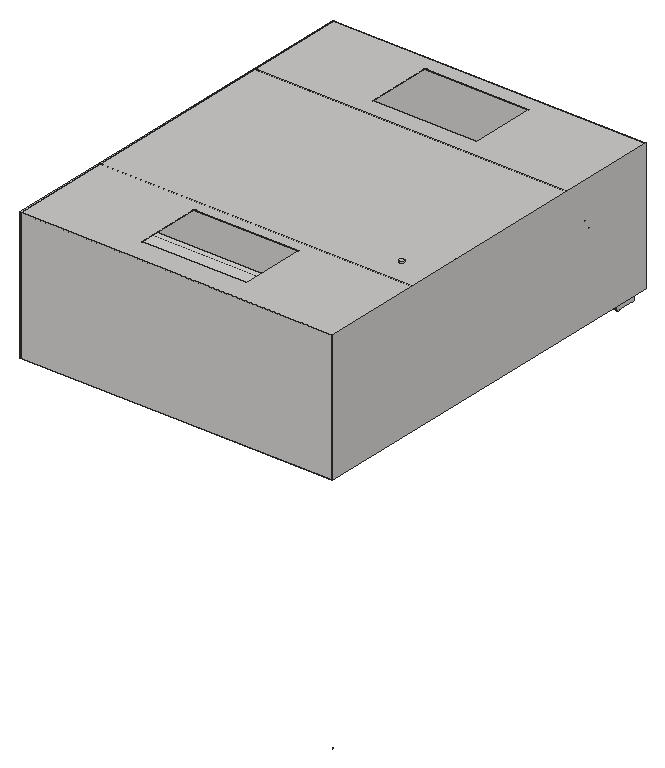
Revit family "QF_ELECTROLUXPROFESSIONAL_641257_STPF1512", category Attrezzature speciali, Revit 2021
Family settings
  Quota connettore circolare = Usa diametro
  Tipo di parte = Normale
  Basato su piano di lavoro = No
  Sempre verticale = Sì
  Taglio con vuoti quando caricato = No
  Condiviso = No
  Punto di calcolo locali = No
Parameters (values of type "Standard")
  Weight = 93.00 kg
  Watts = 120 W
  Volts = 220 V
  URL Manufacturer = "https://www.electroluxprofessional.com/"
  URL = "https://www.electroluxprofessional.com/"
  Steam Supply Size = 0 mm
  Steam Supply Minimum Pressure = 0.0 Pa
  Steam Supply Maximum Pressure = 0.0 Pa
  Steam Consumption per Hour = 0
  Refrigeration Suction Line Size = 0 mm
  Refrigeration Liquid Line Size = 0 mm
  Refrigerant Compressor Remote = yes
  Prospetto di default = 0 mm
  Produttore = "Electrolux Professional"
  Phase = 1
  Modello = "STPF1512"
  Length Actual = 1200 mm  # constant formula
  Item Number = "641257"
  Hot Water Size = 0 mm
  Height Actual = 500 mm  # constant formula
  HP = "0.2 HP"
  Gas Size = 0 mm
  Gas KW = 0
  Gas Input Pressure = 0 W
  Direct Waste Size = 0 mm
  Descrizione = "304 S/S WALL HOOD+FILTER+LAMPS 1200X1500"
  Depth Actual = 1500 mm  # constant formula
  Cycle = 50 Hz
  Condensate Return Size = 0 mm
  Compressed Air Volume = 0.0 L/s
  Compressed Air Size = 0 mm
  Compressed Air Pressure = 0.0 Pa
  Cold Water Size = 0 mm
  Accessory = yes
Reference planes
  plane 1: z = 0
  plane 2 "Center (Left/Right)": x = 150
  plane 3 "LEFT": x = -450
  plane 4 "RIGHT": x = 750
  plane 5 "BACK": y = 550
  plane 6 "TOP": z = 2500
  plane 7 "Base": z = 2000
  plane 8: z = 1955
  plane 9 "DrainY": y = 490
  plane 10: x = -447
  plane 11 "DrainX": x = 630
  plane 12 "AOLeft2": x = 350
  plane 13: x = 747
  plane 14: x = -250
  plane 15: x = 550
  plane 16 "Center (Front/Back)": y = -100
  plane 17 "Front": y = -950
  plane 18 "AOLeft1": x = -50
  plane 19: y = -864
  plane 20: y = -614
  plane 21: y = 240
  plane 22: y = 490
  plane 23 "EI_y": y = -470
  plane 24 "EIx": x = 630
Forms (mm)
  Extrusion 1, solid, material "QF_Finishes_Stainless Steel"
    sketch origin (-450, 0, 360) x (0, 1, 0) y (0, 0, 1)
      loop
        line (550, 1640) -> (550, 2140) -> (-950, 2140) -> (-950, 1640) -> (550, 1640)
    from 0 to 3
  Extrusion 2, solid, material "QF_Finishes_Stainless Steel"
    sketch origin (750, 0, 360) x (0, 1, 0) y (0, 0, 1)
      loop
        line (550, 1640) -> (550, 2140) -> (-950, 2140) -> (-950, 1640) -> (550, 1640)
    from 0 to -3
  Extrusion 3, solid, material "QF_Finishes_Stainless Steel"
    sketch origin (150, 0, 360) x (0, 1, 0) y (0, 0, 1)
      loop
        line (-950, 2140) -> (-950, 1640) -> (-940, 1640) -> (-940, 1640.8) -> (-949.2, 1640.8) -> (-949.2, 2139.19) -> (549.2, 2139.19) -> (549.2, 1640.8) -> (540, 1640.8) -> (540, 1640) -> (550, 1640) -> (550, 2140) -> (-950, 2140)
    from -600 to 600
  Extrusion 4, solid, material "QF_Finishes_Stainless Steel"
    sketch origin (0, 0, 2000) x (0, 1, 0) y (-1, 0, 0)
      loop
        circle (490, -630) r 4.763
    from -30 to 0
  Extrusion 5, void
    sketch origin (0, 0, 2500) x (0, 1, 0) y (-1, 0, 0)
      loop
        line (-614, -350) -> (-614, 50) -> (-864, 50) -> (-864, -350) -> (-614, -350)
    from 0 to -10
  Extrusion 6, solid, material "QF_Finishes_Stainless Steel"
    sketch origin (0, 0, 0) x (1, 0, 0) y (0, 1, 0)
      loop
        line (-450, 550) -> (-450, 549) -> (-449, 549) -> (-449, 550) -> (-450, 550)
    from 0 to 1
  Extrusion 7, solid, material "QF_LAMPS"
    sketch origin (150, 0, 360) x (0, 1, 0) y (0, 0, 1)
      loop
        line (-572.823, 1962.324) -> (-418.948, 2086.929) -> (-427.129, 2097.032) -> (-581.003, 1972.426) -> (-572.823, 1962.324)
    from 597 to -597
  Sweep 8, solid, material "QF_Finishes_Stainless Steel"
    path origin (0, 0, 0) x (1, 0, 0) y (0, 1, 0)
      loop
        line (750, 550) -> (-450, 550) -> (-450, -950) -> (750, -950) -> (750, 550)
    profile origin (750, -200, 0) x (1, 0, 0) y (0, 0, 1)
      loop
        line (-3, 2000) -> (-3, 2000.8) -> (-19, 2000.8) -> (-19, 2010) -> (-20, 2010) -> (-20, 2000) -> (-3, 2000)
  Extrusion 9, solid, material "QF_Finishes_Stainless Steel"
    sketch origin (150, 0, 0) x (0, 1, 0) y (0, 0, 1)
      loop
        line (414.66, 2095.469) -> (440.643, 2110.471) -> (261.744, 2411.771) -> (235.948, 2396.455) -> (414.66, 2095.469)
    from -597 to -400
  Extrusion 10, solid, material "QF_Finishes_Stainless Steel"
    sketch origin (630, 0, 0) x (0, 1, 0) y (0, 0, 1)
      loop
        line (539, 2000) -> (441, 2000) -> (441, 1989) -> (448.5, 1989) -> (448.5, 1965)
        arc (448.5, 1965) -> (451.429, 1957.929) -> (458.5, 1955) r 10
        line (458.5, 1955) -> (521.5, 1955)
        arc (521.5, 1955) -> (528.571, 1957.929) -> (531.5, 1965) r 10
        line (531.5, 1965) -> (531.5, 1989) -> (539, 1989) -> (539, 2000)
    from 90 to -90
  Extrusion 11, solid, material "QF_Finishes_Stainless Steel"
    sketch origin (150, 0, 0) x (0, 1, 0) y (0, 0, 1)
      loop
        line (414.66, 2095.469) -> (440.643, 2110.471) -> (261.744, 2411.771) -> (235.948, 2396.455) -> (414.66, 2095.469)
    from 400 to 597
  Extrusion 12, solid, material "QF_Finished_Chrome"
    sketch origin (150, 0, 0) x (0, 1, 0) y (0, 0, 1)
      loop
        line (414.66, 2095.469) -> (440.643, 2110.471) -> (261.744, 2411.771) -> (235.948, 2396.455) -> (414.66, 2095.469)
    from -400 to 400
  Extrusion 13, void
    sketch origin (0, 1180, 2500) x (0, 1, 0) y (-1, 0, 0)
      loop
        line (-690, -350) -> (-690, 50) -> (-940, 50) -> (-940, -350) -> (-690, -350)
    from 0 to -10
  Extrusion 14, solid, material "QF_Finishes_Stainless Steel"
    sketch origin (0, 0, 2500) x (0, 1, 0) y (-1, 0, 0)
      loop
        circle (-470, -630) r 10
    from 0 to 1.6
  Extrusion 15, solid, material "QF_Finishes_Stainless Steel"
    sketch origin (150, 0, 360) x (0, 1, 0) y (0, 0, 1)
      loop
        line (430.005, 1640) -> (540, 1640) -> (540, 1640.8) -> (430.467, 1640.8) -> (371.906, 1742.23) -> (414.858, 1734.657) -> (442.266, 1750.481) -> (442.266, 1765.943) -> (441.466, 1765.943) -> (441.466, 1750.943) -> (414.709, 1735.495) -> (321.153, 1751.991) -> (320.875, 1750.416) -> (371.4, 1741.507) -> (430.005, 1640)
      loop
        line (172.529, 2139.19) -> (242.893, 2017.316) -> (245.133, 2018.715) -> (240.13, 2027.381) -> (238.569, 2026.405) -> (173.453, 2139.19) -> (172.529, 2139.19)
    from -597 to 597
  Extrusion 16, solid, material "QF_Finishes_Stainless Steel"
    sketch origin (150, 200.8, 360) x (0, 1, 0) y (0, 0, 1)
      loop
        line (-1150, 2139.19) -> (-1150, 1640) -> (-1086.602, 1640) -> (-999.146, 1690.493) -> (-1010.058, 1709.394) -> (-1066.564, 1676.77) -> (-1114.704, 1680.982) -> (-1149.2, 1730.248) -> (-1149.2, 2139.19) -> (-1150, 2139.19)
      loop
        line (-773.6, 1961.694) -> (-781.937, 1971.99) -> (-769.095, 1982.182) -> (-769.095, 2139.19) -> (-769.895, 2139.19) -> (-769.895, 1982.569) -> (-1082.298, 1734.63) -> (-1071.091, 1720.79) -> (-773.6, 1961.694)
      loop
        line (-627.61, 2099.216) -> (-618.171, 2087.559) -> (-554.411, 2139.19) -> (-555.682, 2139.19) -> (-618.052, 2088.684) -> (-626.989, 2099.719) -> (-627.61, 2099.216)
    from -597 to 597
  Extrusion 17, solid, material "QF_Finishes_Stainless Steel"
    sketch origin (0, 0, 2500) x (0, 1, 0) y (-1, 0, 0)
      loop
        circle (-470, -630) r 10
    from 0 to 1.6
Cuts and joins
  Extrusion 5, Extrusion 13 cuts Extrusion 3
  joined: Extrusion 2, Extrusion 3, Sweep 8
Lines and regions (mm)
  symbolic lines, style "SpecialityEquipment", detail levels coarse
    curve 1: line (750, 550, 2500) -> (-450, 550, 2500)
    curve 2: line (-450, 550, 2500) -> (-450, -950, 2500)
    curve 3: line (750, -950, 2500) -> (750, 550, 2500)
    curve 4: line (-450, 550, 0) -> (750, -950, 0)
    curve 5: line (750, 550, 0) -> (-450, -950, 0)
    curve 6: line (-450, -950, 0) -> (750, -950, 0)
  symbolic lines, detail levels coarse
    curve 7: line (-50, 240, 2500) -> (350, 240, 2500)
    curve 8: line (-50, 490, 2500) -> (-50, 240, 2500)
    curve 9: line (350, 490, 2500) -> (-50, 490, 2500)
    curve 10: line (350, 240, 2500) -> (350, 490, 2500)
    curve 11: line (-50, -614, 2500) -> (350, -614, 2500)
    curve 12: line (-50, -864, 2500) -> (-50, -614, 2500)
    curve 13: line (350, -864, 2500) -> (-50, -864, 2500)
    curve 14: line (350, -614, 2500) -> (350, -864, 2500)
Dimensions and locks
  plane 3 "LEFT" to plane 4 "RIGHT" = 1200 mm
  equal spacing: plane 3 "LEFT", plane 2 "Center (Left/Right)", plane 4 "RIGHT"
  plane 7 "Base" to plane 8 = 45 mm
  plane 5 "BACK" to plane 9 "DrainY" = 60 mm  (x2)
  plane 3 "LEFT" to plane 10 = 3 mm
  plane 11 "DrainX" to plane 4 "RIGHT" = 120 mm
  plane 13 to plane 4 "RIGHT" = 3 mm
  plane 3 "LEFT" to plane 14 = 200 mm
  plane 15 to plane 4 "RIGHT" = 200 mm
  locked: plane 7 "Base" to level at 2000
  locked: plane 6 "TOP" to plane 7 "Base" at 500
  locked: plane 18 "AOLeft1" to plane 12 "AOLeft2" at 400
  locked: plane 20 to plane 19 at 250
  locked: plane 19 to plane 17 "Front" at 86
  locked: plane 22 to plane 21 at 250
  locked: plane 5 "BACK" to plane 22 at 60
  locked: plane 23 "EI_y" to plane 17 "Front" at 480
  locked: plane 24 "EIx" to plane 4 "RIGHT" at 120
  locked: plane 5 "BACK" to plane 17 "Front" at 1500
  plane 5 "BACK" to plane 17 "Front" = 1500 mm
  equal spacing: plane 18 "AOLeft1", plane 2 "Center (Left/Right)", plane 12 "AOLeft2"
  aligned and locked: level to plane 1
  aligned and locked: plane 4 "RIGHT" to Extrusion 3
  aligned and locked: Extrusion 3 to plane 3 "LEFT"
  aligned and locked: Extrusion 2 to plane 13
  aligned and locked: Extrusion 9 to plane 10
  aligned and locked: Extrusion 5 to plane 18 "AOLeft1"
  aligned and locked: Extrusion 5 to plane 12 "AOLeft2"
  aligned and locked: plane 14 to Extrusion 9
  aligned and locked: plane 15 to Extrusion 11
  aligned and locked: plane 13 to Extrusion 11
  aligned and locked: Extrusion 12 to plane 14
  aligned and locked: Extrusion 12 to plane 15
  aligned and locked: plane 13 to Extrusion 7
  aligned and locked: Extrusion 7 to plane 10
  aligned and locked: Extrusion 13 to plane 21
  aligned and locked: plane 22 to Extrusion 13
  aligned and locked: Extrusion 13 to plane 18 "AOLeft1"
  aligned and locked: Extrusion 13 to plane 12 "AOLeft2"
  aligned and locked: Extrusion 15 to plane 10
  aligned and locked: plane 13 to Extrusion 15
  aligned and locked: Extrusion 5 to plane 19
  aligned and locked: plane 20 to Extrusion 5
  aligned and locked: Extrusion 16 to plane 10
  aligned and locked: plane 13 to Extrusion 16
Automatic sketch dimensions
  curve 6 to plane 3 "LEFT" = 0 mm
  curve 4 to plane 3 "LEFT" = 0 mm
  curve 5 to plane 4 "RIGHT" = 0 mm
  curve 6 to plane 4 "RIGHT" = 0 mm
  curve 4 to plane 17 "Front" = 0 mm
  curve 5 to plane 5 "BACK" = 0 mm
  curve 4 to plane 5 "BACK" = 0 mm
  Extrusion 1 sketch curve to plane 7 "Base" = 0 mm
  Extrusion 1 sketch curve to plane 17 "Front" = 0 mm
  Extrusion 1 sketch curve to plane 5 "BACK" = 0 mm
  Extrusion 1 sketch curve to plane 6 "TOP" = 0 mm
  Extrusion 2 sketch curve to plane 7 "Base" = 0 mm
  Extrusion 2 sketch curve to plane 17 "Front" = 0 mm
  Extrusion 2 sketch curve to plane 5 "BACK" = 0 mm
  Extrusion 2 sketch curve to plane 6 "TOP" = 0 mm
  Extrusion 3 sketch curve to plane 6 "TOP" = 0 mm
  Extrusion 3 sketch curve to plane 17 "Front" = 0 mm
  Extrusion 3 sketch curve to plane 7 "Base" = 0 mm  (x2)
  Extrusion 3 sketch curve to plane 5 "BACK" = 0 mm
  plane 17 "Front" to Extrusion 3 sketch curve = 0.8 mm
  Extrusion 3 sketch curve to Extrusion 3 sketch curve = 9.2 mm
  plane 7 "Base" to Extrusion 3 sketch curve = 0.8 mm  (x2)
  Extrusion 3 sketch curve to plane 5 "BACK" = 10 mm
  Extrusion 3 sketch curve to plane 5 "BACK" = 0.8 mm
  Extrusion 3 sketch curve to plane 6 "TOP" = 0.81 mm
  Extrusion 4 sketch curve to plane 9 "DrainY" = 0 mm
  Extrusion 4 sketch curve to plane 11 "DrainX" = 0 mm
  Extrusion 5 sketch curve to plane 12 "AOLeft2" = 0 mm
  Extrusion 5 sketch curve to plane 19 = 0 mm
  Extrusion 5 sketch curve to plane 20 = 0 mm
  Extrusion 5 sketch curve to plane 18 "AOLeft1" = 0 mm
  Extrusion 6 sketch curve to plane 3 "LEFT" = 0 mm
  Extrusion 6 sketch curve to plane 5 "BACK" = 0 mm
  plane 3 "LEFT" to Extrusion 6 sketch curve = 1 mm
  Extrusion 6 sketch curve to Extrusion 6 sketch curve = 1 mm
  plane 20 to Extrusion 7 sketch curve = 32.997 mm
  Extrusion 7 sketch curve to Extrusion 7 sketch curve = 8.181 mm  (x2)
  plane 23 "EI_y" to Extrusion 7 sketch curve = 42.871 mm
  Extrusion 7 sketch curve to plane 6 "TOP" = 177.676 mm
  Extrusion 7 sketch curve to Extrusion 7 sketch curve = 10.102 mm
  Extrusion 7 sketch curve to plane 6 "TOP" = 53.071 mm
  Extrusion 7 sketch curve to Extrusion 7 sketch curve = 10.103 mm
  Sweep 8 sketch curve to plane 3 "LEFT" = 0 mm
  Sweep 8 sketch curve to plane 4 "RIGHT" = 0 mm
  Sweep 8 sketch curve to plane 17 "Front" = 0 mm
  Sweep 8 sketch curve to plane 5 "BACK" = 0 mm
  profile plane to Sweep 8 sketch curve = 20 mm
  Sweep 8 sketch curve to Sweep 8 sketch curve = 1 mm
  profile plane to Sweep 8 sketch curve = 3 mm
  level to Sweep 8 sketch curve = 2000 mm
  Sweep 8 sketch curve to Sweep 8 sketch curve = 0.8 mm
  Sweep 8 sketch curve to Sweep 8 sketch curve = 9.2 mm
  Extrusion 9 sketch curve to plane 21 = 4.052 mm
  plane 21 to Extrusion 9 sketch curve = 21.744 mm
  Extrusion 9 sketch curve to plane 9 "DrainY" = 75.34 mm
  Extrusion 9 sketch curve to Extrusion 9 sketch curve = 25.983 mm
  plane 7 "Base" to Extrusion 9 sketch curve = 95.469 mm
  Extrusion 9 sketch curve to Extrusion 9 sketch curve = 15.001 mm
  Extrusion 9 sketch curve to plane 6 "TOP" = 103.545 mm
  Extrusion 9 sketch curve to Extrusion 9 sketch curve = 15.316 mm
  Extrusion 10 sketch curve to plane 8 = 0 mm
  Extrusion 10 sketch curve to plane 7 "Base" = 11 mm  (x2)
  Extrusion 10 sketch curve to plane 9 "DrainY" = 49 mm
  Extrusion 10 sketch curve to Extrusion 10 sketch curve = 7.5 mm  (x2)
  Extrusion 10 sketch curve to Extrusion 10 sketch curve = 10 mm
  Extrusion 10 sketch curve to plane 5 "BACK" = 28.5 mm
  Extrusion 10 sketch curve to plane 5 "BACK" = 18.5 mm
  plane 7 "Base" to Extrusion 10 sketch curve = 0 mm
  Extrusion 11 sketch curve to plane 21 = 4.052 mm
  plane 21 to Extrusion 11 sketch curve = 21.744 mm
  Extrusion 11 sketch curve to plane 9 "DrainY" = 75.34 mm
  Extrusion 11 sketch curve to Extrusion 11 sketch curve = 25.983 mm
  plane 7 "Base" to Extrusion 11 sketch curve = 95.469 mm
  Extrusion 11 sketch curve to Extrusion 11 sketch curve = 15.001 mm
  Extrusion 11 sketch curve to plane 6 "TOP" = 103.545 mm
  Extrusion 11 sketch curve to Extrusion 11 sketch curve = 15.316 mm
  Extrusion 12 sketch curve to plane 21 = 4.052 mm
  plane 21 to Extrusion 12 sketch curve = 21.744 mm
  Extrusion 12 sketch curve to plane 9 "DrainY" = 75.34 mm
  Extrusion 12 sketch curve to Extrusion 12 sketch curve = 25.983 mm
  plane 7 "Base" to Extrusion 12 sketch curve = 95.469 mm
  Extrusion 12 sketch curve to Extrusion 12 sketch curve = 15.001 mm
  Extrusion 12 sketch curve to plane 6 "TOP" = 103.545 mm
  Extrusion 12 sketch curve to Extrusion 12 sketch curve = 15.316 mm
  Extrusion 13 sketch curve to plane 12 "AOLeft2" = 0 mm
  Extrusion 13 sketch curve to plane 21 = 0 mm
  Extrusion 13 sketch curve to plane 9 "DrainY" = 0 mm
  Extrusion 13 sketch curve to plane 18 "AOLeft1" = 0 mm
  Extrusion 14 sketch curve to plane 23 "EI_y" = 0 mm
  Extrusion 14 sketch curve to plane 24 "EIx" = 0 mm
  Extrusion 15 sketch curve to plane 7 "Base" = 0 mm
  Extrusion 15 sketch curve to plane 6 "TOP" = 0.81 mm
  Extrusion 15 sketch curve to plane 21 = 67.471 mm
  Extrusion 15 sketch curve to Extrusion 15 sketch curve = 0.924 mm
  Extrusion 15 sketch curve to plane 21 = 1.431 mm
  plane 21 to Extrusion 15 sketch curve = 0.13 mm
  plane 21 to Extrusion 15 sketch curve = 2.893 mm
  Extrusion 15 sketch curve to Extrusion 15 sketch curve = 2.24 mm
  plane 21 to Extrusion 15 sketch curve = 80.875 mm
  Extrusion 15 sketch curve to Extrusion 15 sketch curve = 0.278 mm
  Extrusion 15 sketch curve to Extrusion 15 sketch curve = 50.525 mm
  Extrusion 15 sketch curve to Extrusion 15 sketch curve = 0.506 mm
  Extrusion 15 sketch curve to Extrusion 15 sketch curve = 42.803 mm
  Extrusion 15 sketch curve to Extrusion 15 sketch curve = 0.148 mm
  Extrusion 15 sketch curve to plane 9 "DrainY" = 59.995 mm
  plane 7 "Base" to Extrusion 15 sketch curve = 0.8 mm
  Extrusion 15 sketch curve to Extrusion 15 sketch curve = 0.462 mm  (x2)
  Extrusion 15 sketch curve to Extrusion 15 sketch curve = 109.533 mm
  Extrusion 15 sketch curve to Extrusion 15 sketch curve = 26.757 mm
  Extrusion 15 sketch curve to Extrusion 15 sketch curve = 0.8 mm
  plane 7 "Base" to Extrusion 15 sketch curve = 94.657 mm
  Extrusion 15 sketch curve to Extrusion 15 sketch curve = 0.838 mm
  Extrusion 15 sketch curve to Extrusion 15 sketch curve = 6.012 mm
  Extrusion 15 sketch curve to Extrusion 15 sketch curve = 0.723 mm
  Extrusion 15 sketch curve to Extrusion 15 sketch curve = 14.986 mm
  Extrusion 15 sketch curve to Extrusion 15 sketch curve = 15 mm
  Extrusion 15 sketch curve to plane 6 "TOP" = 122.684 mm
  Extrusion 15 sketch curve to Extrusion 15 sketch curve = 1.399 mm
  Extrusion 15 sketch curve to Extrusion 15 sketch curve = 9.089 mm
  Extrusion 15 sketch curve to Extrusion 15 sketch curve = 0.975 mm
  Extrusion 16 sketch curve to plane 7 "Base" = 0 mm
  plane 17 "Front" to Extrusion 16 sketch curve = 0.8 mm
  Extrusion 16 sketch curve to Extrusion 16 sketch curve = 0.8 mm  (x2)
  plane 17 "Front" to Extrusion 16 sketch curve = 36.096 mm
  Extrusion 16 sketch curve to plane 19 = 21.802 mm
  Extrusion 16 sketch curve to plane 19 = 17.498 mm
  Extrusion 16 sketch curve to plane 19 = 6.291 mm
  Extrusion 16 sketch curve to plane 19 = 1.764 mm
  plane 19 to Extrusion 16 sketch curve = 54.742 mm
  Extrusion 16 sketch curve to Extrusion 16 sketch curve = 10.912 mm
  plane 20 to Extrusion 16 sketch curve = 32.863 mm
  Extrusion 16 sketch curve to Extrusion 16 sketch curve = 8.337 mm
  Extrusion 16 sketch curve to Extrusion 16 sketch curve = 12.042 mm
  plane 23 "EI_y" to Extrusion 16 sketch curve = 43.19 mm
  Extrusion 16 sketch curve to Extrusion 16 sketch curve = 0.622 mm
  Extrusion 16 sketch curve to Extrusion 16 sketch curve = 9.44 mm
  Extrusion 16 sketch curve to Extrusion 16 sketch curve = 0.118 mm
  Extrusion 16 sketch curve to plane 6 "TOP" = 0.81 mm  (x3)
  Extrusion 16 sketch curve to Extrusion 16 sketch curve = 62.37 mm
  Extrusion 16 sketch curve to Extrusion 16 sketch curve = 1.271 mm
  plane 7 "Base" to Extrusion 16 sketch curve = 36.77 mm
  plane 7 "Base" to Extrusion 16 sketch curve = 40.982 mm
  plane 7 "Base" to Extrusion 16 sketch curve = 50.493 mm
  Extrusion 16 sketch curve to Extrusion 16 sketch curve = 18.901 mm
  Extrusion 16 sketch curve to Extrusion 16 sketch curve = 44.02 mm
  Extrusion 16 sketch curve to Extrusion 16 sketch curve = 49.266 mm
  Extrusion 16 sketch curve to Extrusion 16 sketch curve = 13.84 mm
  Extrusion 16 sketch curve to plane 6 "TOP" = 178.306 mm
  Extrusion 16 sketch curve to Extrusion 16 sketch curve = 10.296 mm
  Extrusion 16 sketch curve to Extrusion 16 sketch curve = 10.192 mm
  Extrusion 16 sketch curve to Extrusion 16 sketch curve = 0.386 mm
  Extrusion 16 sketch curve to plane 6 "TOP" = 52.441 mm
  Extrusion 16 sketch curve to Extrusion 16 sketch curve = 1.125 mm
  Extrusion 17 sketch curve to plane 23 "EI_y" = 0 mm
  Extrusion 17 sketch curve to plane 24 "EIx" = 0 mm
  curve 2 to plane 3 "LEFT" = 0 mm
  curve 2 to plane 17 "Front" = 0 mm
  curve 3 to plane 4 "RIGHT" = 0 mm
  curve 3 to plane 17 "Front" = 0 mm
  curve 13 to plane 18 "AOLeft1" = 0 mm
  curve 13 to plane 19 = 0 mm
  curve 14 to plane 12 "AOLeft2" = 0 mm
  curve 14 to plane 20 = 0 mm
  curve 7 to plane 18 "AOLeft1" = 0 mm
  curve 7 to plane 21 = 0 mm
  curve 8 to plane 9 "DrainY" = 0 mm
  curve 2 to plane 5 "BACK" = 0 mm
  curve 10 to plane 12 "AOLeft2" = 0 mm
  radius of Extrusion 4 sketch curve = 4.763 mm
  radius of Extrusion 14 sketch curve = 10 mm
  radius of Extrusion 17 sketch curve = 10 mm
Connectors
  piping at (630, 490, 1970), diameter 9.5
    settings: on Extrusion 4, index 1, connector inside diameter 609.6 mm, connector length 0 mm, flow factor 0, pipe flow 0.0 L/s, pressure drop 0.0 Pa, fitting loss kfactor 0, connector angle 0.00°, fixture units 0, engagement length 0 mm, angle of deflection 0.00°, flow configuration 1, flow direction 2, fitting loss method 0, system type 16, joint type 0, gender type 0, connector reference index -1, connector utility 0, adjustable connector no, is connector primary yes, connector description "Drain"
  hvac at (150, -739, 2500)
    settings: on Extrusion 5, index 2, duct flow 0.0 L/s, flow factor 0, pres drop 0.0 Pa, loss coef 0, conn angle 0.00°, conn width 250 mm, conn height 400 mm, conn diameter 609.6 mm, duct sys type 1, conn prof type 1, flow config 1, flow direction 1, loss method 0, conn ref index -1, conn util no, is conn primary yes, conn desc "AIR INLET"
  hvac at (150, 365, 2500)
    settings: on Extrusion 13, index 4, duct flow 0.0 L/s, flow factor 0, pres drop 0.0 Pa, loss coef 0, conn angle 0.00°, conn width 250 mm, conn height 400 mm, conn diameter 609.6 mm, duct sys type 3, conn prof type 1, flow config 1, flow direction 2, loss method 0, conn ref index -1, conn util no, is conn primary no, conn desc "EXHAUST OUTLET"
  electrical at (630, -470, 2501.6), driven by "Volts"
    settings: on Extrusion 14, index 6, voltage 220 V, apparent load 0 VA, apparent load phase1 0 VA, apparent load phase2 0 VA, apparent load phase3 0 VA, power factor 1, load classification "Other", number of poles 1, system type 30, power factor state 1, is connector primary yes, connector utility no, sub classification motor no, connector description "Electrical Connection"
  electrical at (630, -470, 2501.6)
    settings: on Extrusion 17, index 12, voltage 0 V, apparent load 0 VA, apparent load phase1 0 VA, apparent load phase2 0 VA, apparent load phase3 0 VA, power factor 1, load classification "Other", number of poles 1, system type 30, power factor state 1, is connector primary no, connector utility no, sub classification motor no, connector description ""
